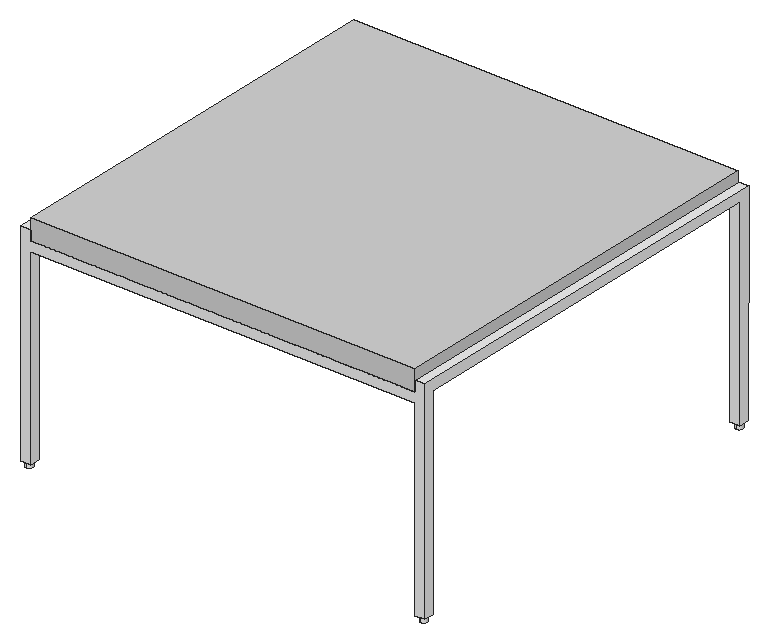
Revit family
Parameters (values of type "30W x 30D x 16H")
  Width = 2' - 6"
  URL = "http://elanbydecca.com/"
  Top [instance] = Furniture - DECCA (Elan) - Ethos - Top
  Base [instance] = Furniture - DECCA (Elan) - Ethos - Base
  Product URL = "http://elanbydecca.com/PDFs/elan_tearsheet-vertex.pdf"
  Model = "FT CT500"
  Manufacturer = "Decca Contract"
  Height = 1' - 4"
  Description = "Ethos, Side Table"
  Depth = 2' - 6"
  Assembly Description = "Furniture & Accessories"
  Assembly Code = "E2020200"
Types (4): name | Width | Model | Depth
  (no name) | 2' - 6" | "FT CT500" | 2' - 6"
  30W x 30D x 16H | 2' - 6" | "FT CT500" | 2' - 6"
  36W x 36D x 16H | 3' - 0" | "FT CT501" | 3' - 0"
  42W x 42D x 16H | 3' - 6" | "FT CT502" | 3' - 6"
Reference planes (in)
  plane 1 "Center Front/Back": y = -0.7524
  plane 2: z = 0
  plane 3 "Center Left/Right": x = 0
  plane 4 "L": x = -15
  plane 5 "R": x = 15
  plane 6 "F": y = -15.7524
  plane 7: y = 14.2476
  plane 8: through (-6.25338, 2.33237, 23.38953) normal (0.4297, -0.4297, 0.7941)
  plane 9 "ST": z = 16
  plane 10: z = 0.375
  plane 11: x = -14.25
  plane 12: x = 14.25
  plane 13: z = 15.25
  plane 14: z = 14.5
  plane 15: y = 13.4976
  plane 16: y = -15.0024
  plane 17: x = -0.375
  plane 18: x = 0.375
  plane 19: y = 4.2476
  plane 20: y = -5.7524
  plane 21: x = -4.75
  plane 22: x = 4.75
  plane 23: z = 16.75
Forms (in)
  Extrusion 1, solid, material "Furniture - DECCA (Elan) - Ethos - Base" <- "Base"
    sketch origin (0, 0, 0) x (0, 1, 0) y (0, 0, 1)
      loop
        line (14.2476, 0.375) -> (14.2476, 16) -> (-15.7524, 16) -> (-15.7524, 0.375) -> (-15.0024, 0.375) -> (-15.0024, 15.25) -> (13.4976, 15.25) -> (13.4976, 0.375) -> (14.2476, 0.375)
    from -15 to -14.25
  Extrusion 2, solid, material "Furniture - DECCA (Elan) - Ethos - Base" <- "Base"
    sketch origin (0, 0, 0) x (0, 1, 0) y (0, 0, 1)
      loop
        line (14.2476, 14.5) -> (14.2476, 15.25) -> (13.4976, 15.25) -> (13.4976, 14.5) -> (14.2476, 14.5)
      loop
        line (-15.7524, 14.5) -> (-15.0024, 14.5) -> (-15.0024, 15.25) -> (-15.7524, 15.25) -> (-15.7524, 14.5)
    from -14.25 to 14.25
  Extrusion 3, solid, material "Furniture - DECCA (Elan) - Ethos - Base" <- "Base"
    sketch origin (0, 0, 7.44949) x (0, -1, 0) y (1, 0, 0)
      loop
        circle (-13.8726, -14.625) r 0.25
      loop
        circle (-13.8726, 14.625) r 0.25
      loop
        circle (15.3774, -14.625) r 0.25
      loop
        circle (15.3774, 14.625) r 0.25
    from -7.44949 to -7.07449
  Extrusion 4, solid, material "Furniture - DECCA (Elan) - Ethos - Base" <- "Base"
    sketch origin (0, 0, 0) x (0, 1, 0) y (0, 0, 1)
      loop
        line (14.2476, 0.375) -> (14.2476, 16) -> (-15.7524, 16) -> (-15.7524, 0.375) -> (-15.0024, 0.375) -> (-15.0024, 15.25) -> (13.4976, 15.25) -> (13.4976, 0.375) -> (14.2476, 0.375)
    from 14.25 to 15
  Extrusion 5, solid, material "Furniture - DECCA (Elan) - Ethos - Top" <- "Top"
    sketch origin (0, 0, 16) x (-1, 0, 0) y (0, -1, 0)
      loop
        line (14.25, -14.2476) -> (14.25, 15.7524) -> (-14.25, 15.7524) -> (-14.25, -14.2476) -> (14.25, -14.2476)
    from -0.75 to 0.75
Cuts and joins
  joined: Extrusion 1, Extrusion 2, Extrusion 3, Extrusion 4
Dimensions and locks (in)
  equal spacing: plane 4 "L", plane 3 "Center Left/Right", plane 5 "R"
  equal spacing: plane 7, plane 1 "Center Front/Back", plane 6 "F"
  "Width": plane 4 "L" to plane 5 "R"
  "Depth": plane 7 to plane 6 "F"
  "Height": plane 9 "ST" to level
  locked: plane 4 "L" to plane 11 at 0.75
  locked: plane 12 to plane 5 "R" at 0.75
  locked: plane 7 to plane 15 at 0.75
  locked: plane 16 to plane 6 "F" at 0.75
  plane 17 to plane 3 "Center Left/Right" to plane 18 = 0' - 0 3/8" locked, 0' - 0 3/8" locked
  equal spacing: plane 7, plane 19, plane 20, plane 6 "F"
  equal spacing: plane 11, plane 21, plane 22, plane 12
  plane 23 to plane 9 "ST" to plane 13 to plane 14 = 0' - 0 3/4" locked, 0' - 0 3/4" locked, 0' - 0 3/4" locked
  aligned and locked: plane 7 to Extrusion 1 sketch curve
  aligned and locked: Extrusion 1 sketch curve to plane 10
  aligned and locked: plane 6 "F" to Extrusion 1 sketch curve
  aligned and locked: Extrusion 1 to plane 4 "L"
  aligned and locked: plane 11 to Extrusion 1
  aligned and locked: plane 7 to Extrusion 2 sketch curve
  aligned and locked: plane 6 "F" to Extrusion 2 sketch curve
  aligned and locked: Extrusion 2 to plane 11
  aligned and locked: Extrusion 2 to plane 12
  aligned and locked: Extrusion 3 to level
  aligned and locked: plane 10 to Extrusion 3
  aligned and locked: plane 9 "ST" to Extrusion 1 sketch curve
  aligned and locked: plane 13 to Extrusion 1 sketch curve
  aligned and locked: Extrusion 4 to plane 5 "R"
  aligned and locked: plane 12 to Extrusion 4
  aligned and locked: plane 13 to Extrusion 2 sketch curve  (x2)
  aligned and locked: plane 14 to Extrusion 2 sketch curve  (x2)
  aligned and locked: Extrusion 5 sketch curve to plane 11
  aligned and locked: Extrusion 5 sketch curve to plane 7
  aligned and locked: plane 12 to Extrusion 5 sketch curve
  aligned and locked: Extrusion 5 sketch curve to plane 6 "F"
  aligned and locked: Extrusion 5 to plane 13
  aligned and locked: plane 23 to Extrusion 5
Automatic sketch dimensions
  Extrusion 1 sketch curve to plane 16 = 0' - 0"
  Extrusion 1 sketch curve to plane 15 = 0' - 0"
  Extrusion 1 sketch curve to plane 10 = 0' - 0"
  Extrusion 2 sketch curve to plane 16 = 0' - 0"
  Extrusion 3 sketch curve to plane 7 = 0' - 0 3/8"  (x2)
  plane 6 "F" to Extrusion 3 sketch curve = 0' - 0 3/8"  (x2)
  plane 4 "L" to Extrusion 3 sketch curve = 0' - 0 3/8"  (x2)
  plane 5 "R" to Extrusion 3 sketch curve = 0' - 0 3/8"  (x2)
  Extrusion 4 sketch curve to plane 6 "F" = 0' - 0"
  Extrusion 4 sketch curve to plane 13 = 0' - 0"
  Extrusion 4 sketch curve to plane 16 = 0' - 0"
  Extrusion 4 sketch curve to plane 10 = 0' - 0"  (x2)
  Extrusion 4 sketch curve to plane 15 = 0' - 0"
  Extrusion 4 sketch curve to plane 7 = 0' - 0"
  Extrusion 4 sketch curve to plane 9 "ST" = 0' - 0"
  Extrusion 2 sketch curve to plane 15 = 0' - 0"
  radius of Extrusion 3 sketch curve = 0' - 0 1/4"  (x4)
